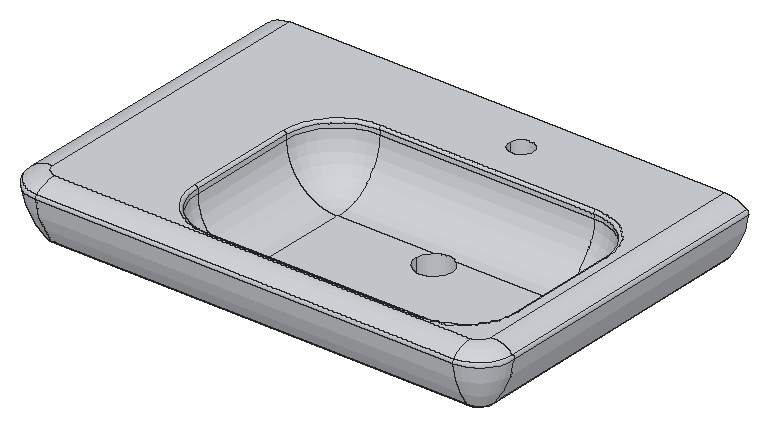
Revit family "NLRS_74_PF_UN_wastafel_S8311200000_SPHINX_BCB", category Plumbing Fixtures, Revit 2016
Family settings
  Part Type = Normal
  Round Connector Dimension = Use Diameter
  OmniClass Number = 23.45.00.00
  OmniClass Title = Sanitary, Laundry, and Cleaning Equipment
  Work Plane-Based = No
  Always vertical = Yes
  Cut with Voids When Loaded = No
  Shared = No
  Room Calculation Point = No
Parameters
  NLRS_C_type = "Wastafel met kraangat en blad"
  NLRS_C_serie = "365"
  NLRS_C_revit_versie = "2016"
  NLRS_C_content_versie = "2.0"
  NLRS_C_content_provider = "BouwConnect"
  NLRS_C_content_datum_uitgifte = "APR-2018"
  NLRS_C_content_datum_gewijzigd = "APR-2018"
  NLRS_C_content_creator = "BouwConnect"
  NLRS_C_URL_product_data = "http://www.sphinx.nl/producten/wastafels-%7C-fonteinen/wastafels/sphinx-365-%7C-wastafel-70-cm-rechts/29743/"
  URL = "http://www.sphinx.nl/"
  Type Comments = ""
  NLRS_S_gewicht = 18.50 kg
  NLRS_C_materiaal = none
  NLRS_C_lengte = 480 mm
  NLRS_C_hoogte = 155 mm
  NLRS_C_diameter_uit = 45 mm
  NLRS_C_diameter_in = 35 mm
  NLRS_C_breedte = 700 mm
  Model = ""
  Manufacturer = "Sphinx"
  Keynote = ""
  IfcTypeProduct = "IfcSanitaryTerminalType"
  IfcExportType = "SINK"
  IfcExportAs = "IfcSanitaryTerminalTypeEnum"
  IfcElement = "IfcFlowTerminal"
  NLRS_C_code_EAN = "8711754411487"
  Description = "wastafel"
  NLRS_C_URL_BCB = "http://bcb-online.nl/?zoekterm=Sphinx+++%5bGeberit+B.V.%5d"
  Assembly Code = "47.11"
Reference planes
  plane 1 "Center (Front/Back)": y = 0
  plane 2: z = 0
  plane 3 "Center (Left/Right)": x = 0
Forms (mm)
  Extrusion 1, solid, detail levels medium+fine
    sketch origin (2000, 5000, 0) x (1, 0, 0) y (0, 1, 0)
      loop
        line (-2352, -5000) -> (-2353.813, -5425.675)
        arc (-2353.813, -5425.675) -> (-2338.363, -5463.643) -> (-2300.702, -5479.827) r 54.01
        line (-2300.702, -5479.827) -> (-2024.979, -5484.417) -> (-1708.817, -5479.145)
        arc (-1708.817, -5479.145) -> (-1665.118, -5466.874) -> (-1646.219, -5425.608) r 53.995
        line (-1646.219, -5425.608) -> (-1648, -5000) -> (-2352, -5000)
    from -85 to 0
  Sweep 2, void, detail levels medium+fine
    path origin (0, 5000, 0) x (1, 0, 0) y (0, 1, 0)
      loop
        line (-347.372, -4850) -> (-349.778, -5424.776)
        arc (-349.778, -5424.776) -> (-335.792, -5459.669) -> (-301.45, -5474.958) r 50
        arc (-301.45, -5474.958) -> (0, -5480) -> (301.45, -5474.958) r 9013.37
        arc (301.45, -5474.958) -> (335.792, -5459.669) -> (349.778, -5424.776) r 50
        line (349.778, -5424.776) -> (347.372, -4850)
    profile origin (-348.575, -137.388, 0) x (0.999991, -0.004185, 0) y (0, 0, 1)
      loop
        line (33.781, 1) -> (-13.879, 1) -> (-13.879, -92) -> (33.983, -92) -> (33.983, -85) -> (32.983, -85)
        arc (32.983, -85) -> (30.356, -84.394) -> (28.26, -82.7) r 6
        arc (28.26, -82.7) -> (9.97, -51.926) -> (0.083, -17.52) r 140
        arc (0.083, -17.52) -> (0.418, -14.267) -> (2.295, -11.589) r 6.5
        arc (2.295, -11.589) -> (17.005, -2.989) -> (33.781, 0) r 48.567
        line (33.781, 0) -> (33.781, 1)
  Extrusion 3, void, detail levels medium+fine
    sketch origin (180, 93, 0) x (-1, 0, 0) y (0, -1, 0)
      loop
        circle (110, 155) r 17.5
    from -53.19 to 31.709
  Revolve 4, solid, detail levels medium+fine
    sketch origin (2112.5, -219.627, 0) x (-1, 0, 0) y (0, 0, -1)
      loop
        line (2009.844, 153.175) -> (2008.25, 135) -> (2013.836, 135) -> (2013.836, 155) -> (2011.836, 155)
        arc (2011.836, 155) -> (2010.485, 154.475) -> (2009.844, 153.175) r 2
      axis (2042.5, 155) -> (2042.5, 135)
    angle from 0 to 360
  Extrusion 5, void, detail levels medium+fine
    sketch origin (112.5, 70, 0) x (-1, 0, 0) y (0, -1, 0)
      loop
        circle (42.5, 290) r 26.25
    from -193.205 to 250
  Extrusion 6, void, detail levels medium+fine
    sketch origin (-514.75, 3288.5, 0) x (-1, 0, 0) y (0, -1, 0)
      loop
        arc (-430, 3487) -> (-428.939, 3487.439) -> (-428.5, 3488.5) r 1.5
        line (-428.5, 3488.5) -> (-428.5, 3648.5)
        arc (-428.5, 3648.5) -> (-428.939, 3649.561) -> (-430, 3650) r 1.5
        line (-430, 3650) -> (-739.5, 3650)
        arc (-739.5, 3650) -> (-740.561, 3649.561) -> (-741, 3648.5) r 1.5
        line (-741, 3648.5) -> (-741, 3488.5)
        arc (-741, 3488.5) -> (-740.561, 3487.439) -> (-739.5, 3487) r 1.5
        line (-739.5, 3487) -> (-430, 3487)
    from -83 to 24
  Sweep 7, void, detail levels medium+fine
    path origin (-769.75, 4995, 0) x (1, 0, 0) y (0, 1, 0)
      loop
        arc (610, -5355) -> (631.967, -5408.033) -> (685, -5430) r 75
        line (685, -5430) -> (995, -5430)
        arc (995, -5430) -> (1048.033, -5408.033) -> (1070, -5355) r 75
        line (1070, -5355) -> (1070, -5195)
        arc (1070, -5195) -> (1048.033, -5141.967) -> (995, -5120) r 75
        line (995, -5120) -> (685, -5120)
        arc (685, -5120) -> (631.967, -5141.967) -> (610, -5195) r 75
        line (610, -5195) -> (610, -5355)
    profile origin (-159.75, -280, 0) x (-1, 0, 0) y (0, 0, 1)
      loop
        arc (0, -4) -> (1.172, -1.172) -> (4, 0) r 4
        line (4, 0) -> (5, 0) -> (5, 24) -> (-74, 24) -> (-74, -83) -> (-73, -83)
        arc (-73, -83) -> (-21.381, -61.619) -> (0, -10) r 73
        line (0, -10) -> (0, -4)
  Extrusion 8, solid, detail levels medium+fine
    sketch origin (0, 0, 0) x (1, 0, 0) y (0, 0, 1)
      loop
        line (-201.506, -134.996) -> (201.5, -134.996)
        arc (201.5, -134.996) -> (228.675, -112.345) -> (251.12, -85) r 187.794
        line (251.12, -85) -> (-251.122, -85)
        arc (-251.122, -85) -> (-228.679, -112.345) -> (-201.506, -134.996) r 187.792
    from 0 to 388.46
  Extrusion 9, void, detail levels medium+fine
    sketch origin (0, 0, 0) x (0, 1, 0) y (0, 0, 1)
      loop
        line (-381.107, -85.004) -> (-398.5, -85.004) -> (-398.5, -143.073) -> (-331.469, -143.073) -> (-331.469, -135.004)
        arc (-331.469, -135.004) -> (-358.653, -112.352) -> (-381.107, -85.004) r 187.821
    from -269.869 to 261.744
  Extrusion 10, solid, detail levels coarse
    sketch origin (2000, 4990, 0) x (1, 0, 0) y (0, 1, 0)
      loop
        line (-2351.957, -4990) -> (-2351.957, -5410)
        arc (-2351.957, -5410) -> (-2334.384, -5452.426) -> (-2291.957, -5470) r 60
        line (-2291.957, -5470) -> (-1711.957, -5470)
        arc (-1711.957, -5470) -> (-1669.531, -5452.426) -> (-1651.957, -5410) r 60
        line (-1651.957, -5410) -> (-1651.957, -4990) -> (-2351.957, -4990)
    from -135 to 0
  Extrusion 11, void, detail levels coarse
    sketch origin (-1000, 0, 0) x (1, 0, 0) y (0, 1, 0)
      loop
        line (840.25, -200) -> (840.25, -360)
        arc (840.25, -360) -> (862.217, -413.033) -> (915.25, -435) r 75
        line (915.25, -435) -> (1225.25, -435)
        arc (1225.25, -435) -> (1278.283, -413.033) -> (1300.25, -360) r 75
        line (1300.25, -360) -> (1300.25, -200)
        arc (1300.25, -200) -> (1278.283, -146.967) -> (1225.25, -125) r 75
        line (1225.25, -125) -> (915.25, -125)
        arc (915.25, -125) -> (862.217, -146.967) -> (840.25, -200) r 75
    from -85 to 100
Cuts and joins
  Extrusion 5 cuts Revolve 4
  Sweep 2, Extrusion 3, Extrusion 5, Extrusion 6, Sweep 7 cuts Extrusion 1
  Extrusion 5, Extrusion 9 cuts Extrusion 8
  joined: Extrusion 1, Extrusion 8
  Extrusion 11 cuts Extrusion 10
Dimensions and locks
  aligned and locked: level to plane 2
